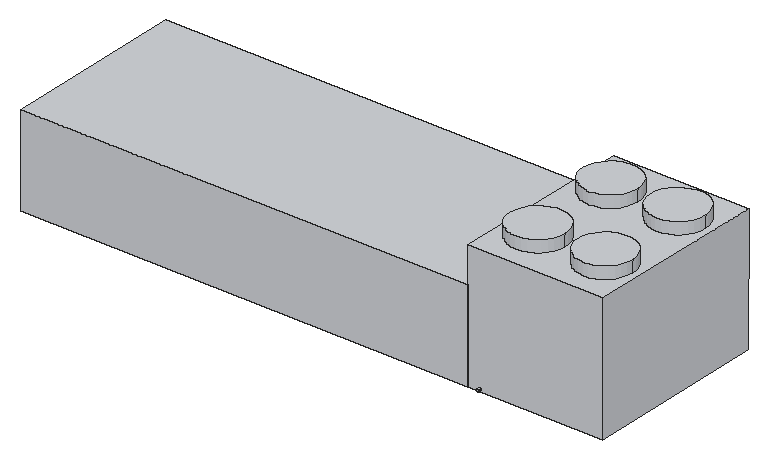
Revit family "130d1ef72ce543ca88e679a5cba8c878", category Mechanical Equipment, Revit 2021
Family settings
  Round Connector Dimension = Use Radius
  Part Type = Normal
  OmniClass Number = 23.75.10.24.21.27.14
  OmniClass Title = Packaged Rooftop Air Conditioning Units
  Seek Item ID = Rooftop AC Unit - Electric - 20-130 Tons-0000-USA-ENU
  Work Plane-Based = No
  Always vertical = Yes
  Cut with Voids When Loaded = No
  Shared = No
  Room Calculation Point = No
Parameters (values of type "20 Tons")
  Voltage = 460 V
  Visi90-130 = no
  Visi20-75 = yes
  Unit Width = 7' - 6 1/2"
  Unit Length = 24' - 1 3/8"
  Unit Height = 5' - 8 15/16"
  Supply Air Width = 26 1/2"
  Supply Air Height = 67"
  Supply Air Flow [instance] = 9000 CFM
  Return Air Width = 78 15/16"
  Return Air Height = 40 3/8"
  Return Air Flow [instance] = 9000 CFM
  Number of Poles = 3
  Material = none
  Load Classification = Cooling
  Length 2 = if(C1 Offset 1 < 17' 3 13/16", C1 Offset 1, 17' 3 13/16")  # 16' - 3 13/16"
  Length 1 = Unit Length - Length 2 - Supply Air Width  # 5' - 7 1/16"
  Height 2 = 3' - 9 5/16"
  Height 1 = 5' - 3 1/8"
  Heating Input [instance] = 102364.3 Btu/h
  Fan Radius 2 = 0.05 * Unit Width  # 0' - 4.525"
  Fan Radius 1 = 0.15 * Unit Width  # 1' - 1.575"
  Drain Radius = 11/16"
  Drain Diameter = Drain Radius * 2  # 1 3/8"
  Default Elevation = 0' - 0"
  Cooling Capacity [instance] = 259000 Btu/h
  C1 Offset 2 = 0' - 5 13/16"
  C1 Offset 1 = 16' - 3 13/16"
  C2 Offset 2 = 0' - 5 13/16"
  C2 Offset 1 = 0' - 5 13/16"
  Apparent Load = 26226.3 VA
  Air Pressure Drop [instance] = 0.61 in-wg
Types (12): name | Visi90-130 | Visi20-75 | Unit Width | Unit Length | Unit Height | Supply Air Width | Supply Air Height | Supply Air Flow | Return Air Width | Return Air Height | Return Air Flow | Length 2 | Length 1 | Height 2 | Height 1 | Heating Input | Fan Radius 2 | Fan Radius 1 | Cooling Capacity | C1 Offset 2 | C1 Offset 1 | C2 Offset 2 | C2 Offset 1 | Apparent Load | Air Pressure Drop
  (no name) | no | yes | 7' - 6 1/2" | 24' - 1 3/8" | 5' - 8 15/16" | 26 1/2" | 67" | 9000 CFM | 78 15/16" | 40 3/8" | 9000 CFM | 16' - 3 13/16" | 5' - 7 1/16" | 3' - 9 5/16" | 5' - 3 1/8" | 102364.3 Btu/h | 0' - 4.525" | 1' - 1.575" | 259000 Btu/h | 0' - 5 13/16" | 16' - 3 13/16" | 0' - 5 13/16" | 0' - 5 13/16" | 26226.3 VA | 0.61 in-wg
  20 Tons | no | yes | 7' - 6 1/2" | 24' - 1 3/8" | 5' - 8 15/16" | 26 1/2" | 67" | 9000 CFM | 78 15/16" | 40 3/8" | 9000 CFM | 16' - 3 13/16" | 5' - 7 1/16" | 3' - 9 5/16" | 5' - 3 1/8" | 102364.3 Btu/h | 0' - 4.525" | 1' - 1.575" | 259000 Btu/h | 0' - 5 13/16" | 16' - 3 13/16" | 0' - 5 13/16" | 0' - 5 13/16" | 26226.3 VA | 0.61 in-wg
  25 Tons | no | yes | 7' - 6 1/2" | 24' - 1 3/8" | 6' - 2 3/8" | 26 1/2" | 67" | 11000 CFM | 78 15/16" | 40 3/8" | 11000 CFM | 16' - 3 13/16" | 5' - 7 1/16" | 3' - 9 5/16" | 5' - 3 1/8" | 170607.1 Btu/h | 0' - 4.525" | 1' - 1.575" | 323000 Btu/h | 0' - 5 13/16" | 16' - 3 13/16" | 0' - 5 13/16" | 0' - 5 13/16" | 41095.5 VA | 0.87 in-wg
  30 Tons | no | yes | 7' - 6 1/2" | 24' - 1 3/8" | 6' - 2 3/8" | 26 1/2" | 67" | 13500 CFM | 78 15/16" | 40 3/8" | 13500 CFM | 16' - 3 13/16" | 5' - 7 1/16" | 4' - 9 5/16" | 5' - 8 5/8" | 238849.9 Btu/h | 0' - 4.525" | 1' - 1.575" | 417000 Btu/h | 0' - 5 13/16" | 16' - 3 13/16" | 0' - 5 13/16" | 0' - 5 13/16" | 56345.1 VA | 1.34 in-wg
  40 Tons | no | yes | 7' - 6 1/2" | 30' - 2 1/2" | 6' - 7 3/8" | 29" | 67" | 18000 CFM | 92 3/16" | 40 3/8" | 18000 CFM | 17' - 3 13/16" | 10' - 5 11/16" | 5' - 9 5/16" | 6' - 1 5/8" | 307092.8 Btu/h | 0' - 4.525" | 1' - 1.575" | 523000 Btu/h | 0' - 5 13/16" | 19' - 10 5/16" | 0' - 5 13/16" | 0' - 5 13/16" | 74197.1 VA | 0.90 in-wg
  50/55 Tons | no | yes | 7' - 6 1/2" | 30' - 10 1/2" | 5' - 8 7/8" | 29" | 67" | 22500 CFM | 92 3/16" | 40 3/8" | 22500 CFM | 17' - 3 13/16" | 11' - 1 11/16" | 6' - 9 5/16" | 5' - 3 1/8" | 443578.4 Btu/h | 0' - 4.525" | 1' - 1.575" | 694000 Btu/h | 0' - 5 13/16" | 19' - 10 5/16" | 0' - 5 13/16" | 0' - 5 13/16" | 89446.7 VA | 1.70 in-wg
  60 Tons | no | yes | 9' - 8" | 30' - 2 1/2" | 6' - 7 3/8" | 29" | 92 1/2" | 24000 CFM | 92 3/16" | 53 3/8" | 24000 CFM | 17' - 3 13/16" | 10' - 5 11/16" | 5' - 9 5/16" | 6' - 1 5/8" | 511821.2 Btu/h | 0' - 5.8" | 1' - 5.4" | 827000 Btu/h | 0' - 5 13/16" | 19' - 10 5/16" | 0' - 5 13/16" | 0' - 5 13/16" | 118819.8 VA | 1.35 in-wg
  70 Tons | no | yes | 9' - 8" | 30' - 2 1/2" | 6' - 7 3/8" | 29" | 92 1/2" | 27000 CFM | 92 3/16" | 53 3/8" | 27000 CFM | 17' - 3 13/16" | 10' - 5 11/16" | 5' - 9 5/16" | 6' - 1 5/8" | 580064.1 Btu/h | 0' - 5.8" | 1' - 5.4" | 797000 Btu/h | 0' - 5 13/16" | 19' - 10 5/16" | 0' - 5 13/16" | 0' - 5 13/16" | 132570.5 VA | 2.11 in-wg
  75 Tons | no | yes | 9' - 8" | 30' - 2 1/2" | 6' - 7 3/8" | 29" | 92 1/2" | 27000 CFM | 92 3/16" | 53 3/8" | 27000 CFM | 17' - 3 13/16" | 10' - 5 11/16" | 5' - 9 5/16" | 6' - 1 5/8" | 648306.9 Btu/h | 0' - 5.8" | 1' - 5.4" | 979000 Btu/h | 0' - 5 13/16" | 19' - 10 5/16" | 0' - 5 13/16" | 0' - 5 13/16" | 146328.7 VA | 2.27 in-wg
  90 Tons | yes | no | 11' - 11 5/8" | 35' - 3 3/4" | 6' - 7 3/8" | 45" | 84" | 45000 CFM | 117 1/4" | 64 3/8" | 45000 CFM | 17' - 3 13/16" | 14' - 2 15/16" | 6' - 9 3/8" | 6' - 1 5/8" | 648306.9 Btu/h | 0' - 7.18125" | 1' - 9.54375" | 1185000 Btu/h | 2' - 10 5/8" | 21' - 0 1/2" | 0' - 3" | 0' - 4" | 170191.1 VA | 2.11 in-wg
  105 Tons | yes | no | 11' - 11 5/8" | 35' - 3 3/4" | 6' - 7 3/8" | 45" | 84" | 44000 CFM | 117 1/4" | 64 3/8" | 44000 CFM | 17' - 3 13/16" | 14' - 2 15/16" | 6' - 9 3/8" | 6' - 1 5/8" | 648306.9 Btu/h | 0' - 7.18125" | 1' - 9.54375" | 1328000 Btu/h | 2' - 10 5/8" | 21' - 0 1/2" | 0' - 3" | 0' - 4" | 171682.5 VA | 2.27 in-wg
  115/130 Tons | yes | no | 11' - 11 5/8" | 35' - 3 3/4" | 6' - 7 3/8" | 45" | 84" | 46000 CFM | 117 1/4" | 64 3/8" | 46000 CFM | 17' - 3 13/16" | 14' - 2 15/16" | 6' - 9 3/8" | 6' - 1 5/8" | 648306.9 Btu/h | 0' - 7.18125" | 1' - 9.54375" | 1527000 Btu/h | 2' - 10 5/8" | 21' - 0 1/2" | 0' - 3" | 0' - 4" | 173173.9 VA | 2.80 in-wg
Reference planes (in)
  plane 1 "Center (Front/Back)": y = 0
  plane 2: z = 0
  plane 3 "Center (Left/Right)": x = 0
  plane 4: y = 90.5
  plane 5: x = -289.375
  plane 6: z = 68.9375
  plane 7: x = -67.0625
  plane 8: x = -93.5625
  plane 9: x = -33.53125
  plane 10: y = 45.25
  plane 11: x = -50.29687
  plane 12: x = -16.76562
  plane 13: y = 67.875
  plane 14: y = 22.625
  plane 15: z = 63.125
  plane 16: x = -44.70833
  plane 17: x = -55.88542
  plane 18: x = -22.35417
  plane 19: x = -11.17708
  plane 20: y = 79.1875
  plane 21: y = 56.5625
  plane 22: y = 33.9375
  plane 23: y = 11.3125
  plane 24: x = -283.5625
  plane 25: y = 5.8125
  plane 26: x = -204.625
  plane 27: y = 46.1875
  plane 28: y = 84.6875
  plane 29: y = 17.6875
  plane 30: x = -61.0625
  plane 31: z = 1
Forms (in)
  Extrusion 1, solid, material <- "Material"
    sketch origin (0, 0, 32.25) x (-1, 0, 0) y (0, -1, 0)
      loop
        line (289.375, -90.5) -> (289.375, 0) -> (67.0625, 0) -> (67.0625, -90.5) -> (289.375, -90.5)
    from -32.25 to 13.0625
  Extrusion 2, solid, material <- "Material"
    sketch origin (0, 0, 32.25) x (-1, 0, 0) y (0, -1, 0)
      loop
        line (67.0625, -90.5) -> (67.0625, 0) -> (0, 0) -> (0, -90.5) -> (67.0625, -90.5)
    from -32.25 to 30.875
  Extrusion 3, solid, material <- "Material", visible <- "Visi20-75"
    sketch origin (0, 0, 32.25) x (-1, 0, 0) y (0, -1, 0)
      loop
        circle (50.29687, -67.875) r 13.575
      loop
        circle (16.76562, -67.875) r 13.575
      loop
        circle (50.29687, -22.625) r 13.575
      loop
        circle (16.76562, -22.625) r 13.575
    from 30.875 to 36.6875
  Extrusion 4, solid, material <- "Material", visible <- "Visi90-130"
    sketch origin (0, 0, 32.25) x (-1, 0, 0) y (0, -1, 0)
      loop
        circle (55.88542, -79.1875) r 4.525
      loop
        circle (33.53125, -79.1875) r 4.525
      loop
        circle (55.88542, -56.5625) r 4.525
      loop
        circle (55.88542, -22.625) r 4.525
      loop
        circle (33.53125, -56.5625) r 4.525
      loop
        circle (33.53125, -11.3125) r 4.525
      loop
        circle (33.53125, -33.9375) r 4.525
      loop
        circle (11.17708, -67.875) r 4.525
      loop
        circle (11.17708, -22.625) r 4.525
    from 30.875 to 36.6875
  Extrusion 5, void
    sketch origin (0, 0, 32.25) x (-1, 0, 0) y (0, -1, 0)
      loop
        line (283.5625, -46.1875) -> (283.5625, -5.8125) -> (204.625, -5.8125) -> (204.625, -46.1875) -> (283.5625, -46.1875)
    from -32.25 to -25.875
  Extrusion 6, void
    sketch origin (0, 0, 32.25) x (-1, 0, 0) y (0, -1, 0)
      loop
        line (93.5625, -84.6875) -> (93.5625, -17.6875) -> (67.0625, -17.6875) -> (67.0625, -84.6875) -> (93.5625, -84.6875)
    from -32.25 to -25.875
  Extrusion 7, solid, material <- "Material"
    sketch origin (0, 0, 0) x (1, 0, 0) y (0, 0, 1)
      loop
        circle (-61.0625, 1) r 0.6875
    from 0 to 1
Cuts and joins
  Extrusion 5, Extrusion 6 cuts Extrusion 1
  Extrusion 6 cuts Extrusion 2
  joined: Extrusion 2, Extrusion 7
Dimensions and locks (in)
  "Unit Width": plane 4 to plane 1 "Center (Front/Back)"
  "Unit Height": plane 6 to plane 2
  "Height 2": Extrusion 1 to plane 2
  equal spacing: plane 7, plane 9, plane 3 "Center (Left/Right)"
  equal spacing: plane 4, plane 10, plane 1 "Center (Front/Back)"
  equal spacing: plane 7, plane 11, plane 9
  equal spacing: plane 9, plane 12, plane 3 "Center (Left/Right)"
  equal spacing: plane 4, plane 13, plane 10
  equal spacing: plane 10, plane 14, plane 1 "Center (Front/Back)"
  "Height 1": plane 15 to plane 2
  equal spacing: plane 7, plane 17, plane 16, plane 9
  equal spacing: plane 9, plane 18, plane 19, plane 3 "Center (Left/Right)"
  equal spacing: plane 4, plane 20, plane 13
  equal spacing: plane 13, plane 21, plane 10
  equal spacing: plane 10, plane 22, plane 14
  equal spacing: plane 1 "Center (Front/Back)", plane 23, plane 14
  "C2 Offset 1": plane 5 to plane 24
  "C2 Offset 2": plane 1 "Center (Front/Back)" to plane 25
  "Return Air Width": plane 24 to plane 26
  "Return Air Height": plane 25 to plane 27
  locked: cut or joined group of Extrusion 1, Extrusion 5, Extrusion 6 to plane 2 at 6.375  (x2)
  locked: plane 4 to plane 28 at 5.8125
  "Supply Air Height": plane 28 to plane 29
  locked: plane 30 to plane 7 at 6
  locked: plane 31 to plane 2 at 1
  locked: Extrusion 7 to plane 1 "Center (Front/Back)" at 1
  Extrusion 7 to Extrusion 7 = 0' - 1"
  "Unit Length": plane 5 to plane 3 "Center (Left/Right)"
  "Length 1": plane 7 to plane 3 "Center (Left/Right)"
  "Supply Air Width": plane 8 to plane 7
  "Fan Radius 1": radius of Extrusion 3 sketch curve  (x4)
  "Fan Radius 2": radius of Extrusion 4 sketch curve  (x9)
  "Drain Radius": radius of Extrusion 7 sketch curve
  aligned and locked: plane 5 to Extrusion 1 sketch curve
  aligned and locked: Extrusion 1 sketch curve to plane 4
  aligned and locked: plane 1 "Center (Front/Back)" to Extrusion 1 sketch curve
  aligned and locked: Extrusion 1 sketch curve to plane 7
  aligned and locked: Extrusion 1 to Extrusion 2 sketch curve
  aligned and locked: Extrusion 2 sketch curve to Extrusion 1
  aligned and locked: plane 1 "Center (Front/Back)" to Extrusion 2 sketch curve
  aligned and locked: Extrusion 2 sketch curve to plane 3 "Center (Left/Right)"
  aligned and locked: Extrusion 1 to plane 2
  aligned and locked: Extrusion 2 to plane 2
  aligned and locked: plane 11 to Extrusion 3 sketch curve  (x2)
  aligned and locked: plane 13 to Extrusion 3 sketch curve  (x2)
  aligned and locked: plane 12 to Extrusion 3 sketch curve  (x2)
  aligned and locked: plane 14 to Extrusion 3 sketch curve  (x2)
  aligned and locked: plane 6 to Extrusion 3
  aligned and locked: plane 15 to Extrusion 2
  aligned and locked: Extrusion 3 to plane 15
  aligned and locked: plane 17 to Extrusion 4 sketch curve  (x3)
  aligned and locked: plane 20 to Extrusion 4 sketch curve  (x2)
  aligned and locked: plane 19 to Extrusion 4 sketch curve  (x2)
  aligned and locked: plane 14 to Extrusion 4 sketch curve  (x2)
  aligned and locked: plane 13 to Extrusion 4 sketch curve
  aligned and locked: plane 9 to Extrusion 4 sketch curve  (x4)
  aligned and locked: plane 23 to Extrusion 4 sketch curve
  aligned and locked: plane 22 to Extrusion 4 sketch curve
  aligned and locked: plane 21 to Extrusion 4 sketch curve  (x2)
  aligned and locked: plane 6 to Extrusion 4
  aligned and locked: Extrusion 4 to plane 15
  aligned and locked: plane 24 to Extrusion 5 sketch curve
  aligned and locked: plane 27 to Extrusion 5 sketch curve
  aligned and locked: plane 25 to Extrusion 5 sketch curve
  aligned and locked: Extrusion 5 sketch curve to plane 26
  aligned and locked: cut or joined group of Extrusion 1, Extrusion 5, Extrusion 6 to plane 2  (x2)
  aligned and locked: plane 8 to Extrusion 6 sketch curve
  aligned and locked: Extrusion 6 sketch curve to plane 28
  aligned and locked: plane 29 to Extrusion 6 sketch curve
  aligned and locked: Extrusion 6 sketch curve to plane 7
  aligned and locked: plane 30 to Extrusion 7 sketch curve
  aligned and locked: plane 31 to Extrusion 7 sketch curve
Connectors (in)
  hvac at (-80.3125, 51.1875, 6.375), driven by "Supply Air Flow", driven by "Supply Air Height", driven by "Supply Air Width"
    settings: on cut or joined group of Extrusion 1, Extrusion 5, Extrusion 6, index 1, duct flow 9000 CFM, flow factor 0, pres drop 0.00 in-wg, loss coef 0, conn angle 0.00°, conn width 26 1/2", conn height 67", conn diameter 24", duct sys type 1, conn prof type 1, flow config 0, flow direction 2, loss method 0, conn ref index 2, conn util no, is conn primary yes, conn desc ""
  hvac at (-244.09375, 26, 6.375), driven by "Return Air Flow", driven by "Return Air Height", driven by "Return Air Width", driven by "Air Pressure Drop"
    settings: on cut or joined group of Extrusion 1, Extrusion 5, Extrusion 6, index 2, duct flow 9000 CFM, flow factor 0, pres drop 0.61 in-wg, loss coef 0, conn angle 0.00°, conn width 78 15/16", conn height 40 3/8", conn diameter 24", duct sys type 2, conn prof type 1, flow config 0, flow direction 1, loss method 4, conn ref index 1, conn util no, is conn primary no, conn desc ""
  piping at (-61.0625, -1, 1), diameter 1.375, driven by "Drain Radius"
    settings: on Extrusion 7, index 3, connector inside diameter 1 3/8", connector length 0' - 0", flow factor 0, pipe flow 0 GPM, pressure drop 0.00 psi, fitting loss kfactor 0, connector angle 0.00°, fixture units 0, engagement length 0' - 0", angle of deflection 0.00°, flow configuration 1, flow direction 2, fitting loss method 0, system type 16, joint type 0, gender type 0, connector reference index -1, connector utility 0, adjustable connector yes, is connector primary yes, connector description "Drain Out"
  electrical at (0, 45.25, 31.5625), driven by "Apparent Load", driven by "Voltage", driven by "Number of Poles", driven by "Load Classification"
    settings: on cut or joined group of Extrusion 2, Extrusion 6, Extrusion 7, index 4, voltage 460 V, apparent load 26226.3 VA, apparent load phase1 0 VA, apparent load phase2 0 VA, apparent load phase3 0 VA, power factor 0.8, load classification "Cooling", number of poles 3, system type 30, power factor state 1, is connector primary yes, connector utility no, sub classification motor no, connector description ""
